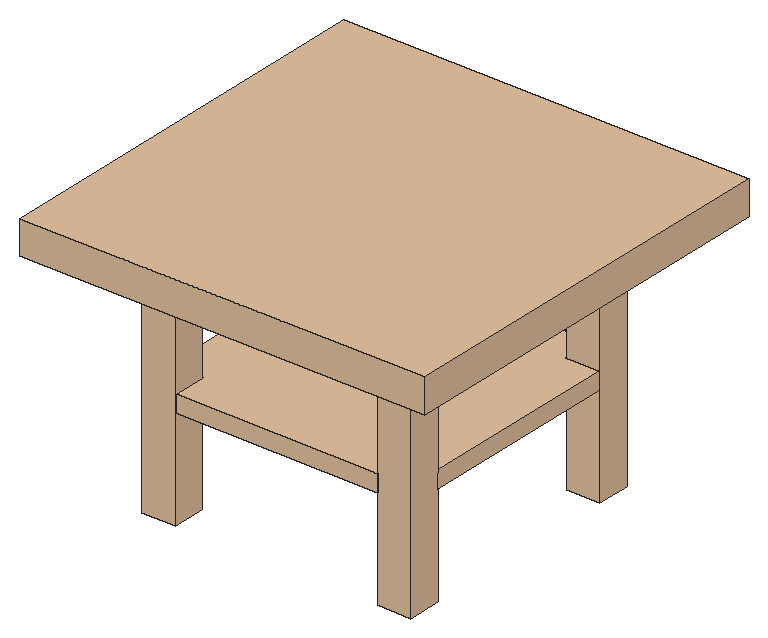
Revit family "Table-Night Stand", category Furniture, Revit 2019
Family settings
  Work Plane-Based = No
  Always vertical = Yes
  Cut with Voids When Loaded = No
  Shared = Yes
  Room Calculation Point = No
Parameters (values of type "24" x 24" x 30"")
  Family Revision = 0
  Assembly Code = "E2020200"
  Base Material = Wood - Cherry
  Depth = 2' - 0"
  Height = 1' - 4"
  Top Material = Wood - Cherry
  Width = 2' - 0"
Reference planes (in)
  plane 1: y = 0
  plane 2: z = 0
  plane 3: x = 0.14699
  plane 4: x = 24.14699
  plane 5: y = 24
  plane 6: y = 12
  plane 7: x = 12.14699
  plane 8: z = 16
  plane 9: z = 14
Forms (in)
  Extrusion 1, solid, material "Wood - Cherry" <- "Top Material"
    sketch origin (0, 0, 0) x (1, 0, 0) y (0, 1, 0)
      loop
        line (0.14699, 0) -> (24.14699, 0) -> (24.14699, 24) -> (0.14699, 24) -> (0.14699, 0)
    from 14 to 16
  Extrusion 2, solid, material "Wood - Cherry" <- "Base Material"
    sketch origin (0, 0, 0) x (1, 0, 0) y (0, 1, 0)
      loop
        line (4.14699, 20) -> (4.14699, 18) -> (6.14699, 18) -> (6.14699, 20) -> (4.14699, 20)
      loop
        line (4.14699, 6) -> (4.14699, 4) -> (6.14699, 4) -> (6.14699, 6) -> (4.14699, 6)
      loop
        line (18.14699, 20) -> (18.14699, 18) -> (20.14699, 18) -> (20.14699, 20) -> (18.14699, 20)
      loop
        line (18.14699, 6) -> (18.14699, 4) -> (20.14699, 4) -> (20.14699, 6) -> (18.14699, 6)
    from 0 to 14
  Extrusion 3, solid, material "Wood - Cherry" <- "Base Material"
    sketch origin (0, 0, 0) x (1, 0, 0) y (0, 1, 0)
      loop
        line (18.14699, 20) -> (6.14699, 20) -> (6.14699, 18) -> (4.14699, 18) -> (4.14699, 6) -> (6.14699, 6) -> (6.14699, 4) -> (18.14699, 4) -> (18.14699, 6) -> (20.14699, 6) -> (20.14699, 18) -> (18.14699, 18) -> (18.14699, 20)
    from 6 to 7
Lines and regions (in)
  Masking region 1
    outline origin (0, 0, 0) x (1, 0, 0) y (0, 1, 0)
      loop
        line (0.14699, 24) -> (0.14699, 0) -> (24.14699, 0) -> (24.14699, 24) -> (0.14699, 24)
Dimensions and locks (in)
  locked: Extrusion 1 to Extrusion 1 at 2
  locked: Extrusion 1 to Extrusion 2 sketch curve at 4  (x4)
  locked: Extrusion 2 sketch curve to Extrusion 1 at 4  (x4)
  locked: Extrusion 2 sketch curve to Extrusion 2 sketch curve at 2  (x8)
  "Width": plane 3 to plane 4
  "Depth": plane 5 to plane 1
  equal spacing: plane 3, plane 7, plane 4
  equal spacing: plane 5, plane 6, plane 1
  "Height": plane 8 to plane 2
  locked: plane 8 to plane 9 at 2
  aligned and locked: plane 1 to Extrusion 1 sketch curve
  aligned and locked: level to plane 2
  aligned and locked: Extrusion 3 sketch curve to Extrusion 2  (x3)
  aligned and locked: Extrusion 2 to Extrusion 3 sketch curve  (x2)
  aligned and locked: plane 8 to Extrusion 1
  aligned and locked: plane 9 to Extrusion 2
  aligned and locked: plane 4 to Masking region 1 sketch curve
  aligned and locked: Masking region 1 sketch curve to plane 5
  aligned and locked: plane 3 to Masking region 1 sketch curve
  aligned and locked: Masking region 1 sketch curve to plane 1
Automatic sketch dimensions
  Extrusion 1 sketch curve to plane 3 = 0' - 0"
  plane 3 to Extrusion 3 sketch curve = 0' - 4"
  Extrusion 3 sketch curve to Extrusion 3 sketch curve = 0' - 2"  (x4)
  Extrusion 3 sketch curve to plane 1 = 0' - 4"
  plane 4 to Extrusion 3 sketch curve = 0' - 6"
  Extrusion 1 sketch curve to plane 4 = 0' - 0"
  Extrusion 1 sketch curve to plane 5 = 0' - 0"
